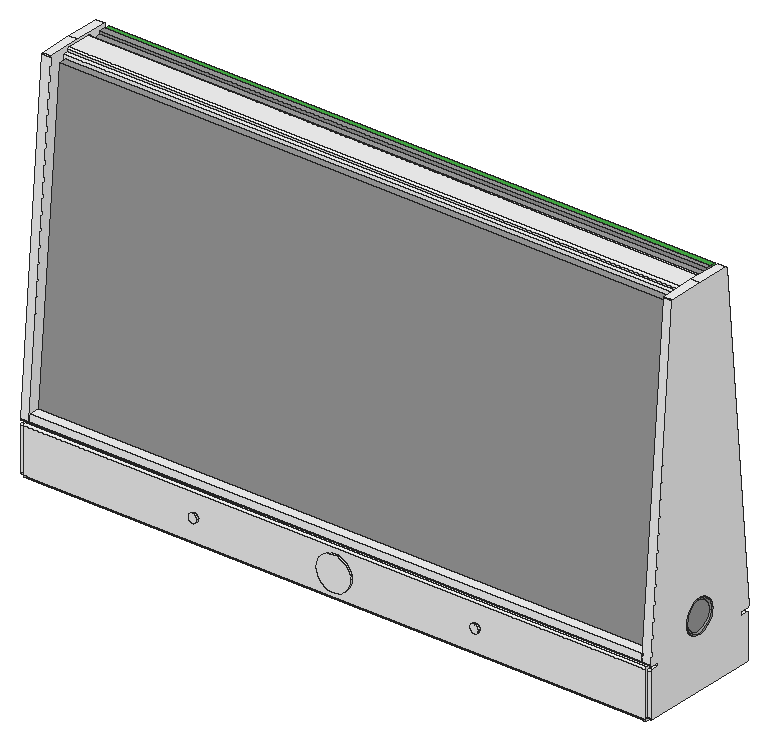
Revit family "Cleverfit Pro LED Exit_R19", category Lighting Fixtures, host Face, Revit 2019
Family settings
  Host = Face
  Round Connector Dimension = Use Diameter
  Part Type = Normal
  Cut with Voids When Loaded = No
  Light Source = Yes
  Shared = No
  Room Calculation Point = No
Parameters (values of type "LCFPRO-DATA")
  Width = 72 mm
  Wattage Comments = "Standby"
  Wattage = 9.2903 W
  built-in parameter 1150110 = 1 (stored number, unit not read)
  Viewing Distance = 24000 mm
  built-in parameter 1114217 = 1 (stored number, unit not read)
  Tilt Angle = -90.00°
  Testing System = "Zoneworks DATA Computerized Testing"
  built-in parameter 1150109 = 1 (stored number, unit not read)
  built-in parameter 1150134 = 3
  built-in parameter 1150113 = 1 (stored number, unit not read)
  Sign Width = 178 mm
  Sign Length = Length - 14 mm  # 353 mm
  Sign Height = 3 mm
  Power Consumption = 3.6 W
  Photometric Web File = "ll15872 LCFPRO-ZW.IES"
  Operating Voltage = 240 V
  Operating Temperature = "0°C to +40°C"
  Operating Mode = "Maintained"
  built-in parameter 1150142 = "IESNA91\r\n[TEST] \r\n[MANUFAC] Enlightenz Ltd.,\r\n[MORE] Albany, Auckland, NZ. 0751.\r\n[LUMINAIRE] Enlightenz, 2 x 28 W Recessed T5 Luminaire. Product ID: Aurora FRT 228 1200x600mm E (hf).\r\n[MORE] Matte white folded/welded reflector about extruded aluminium housing (extent: 1195 x 595 x 83 mm).\r\n[MORE] Clip-in wrap-around prismatic lens. L/O of 570 x 1170 mm (nom.). Multi-facet semi-specular “Almeco Vega\r\n[MORE] 98125” reflector above lamps. Two “Philips Master TL5 HE 28W/840” T5 lamps with L/C 15 mm below\r\n[MORE] gear tray centred 55 mm apart. One “Tridonic PC 2/14-35/49/54 T5 PRO-M lp” 220-240V 50/60/0 Hz\r\n[MORE] electronic ballast. Tested at 240 V 50 Hz, measured 259 mA.\r\n[OTHER] NA conventions used for C0 plane alignment and C-plane rotation direction.\r\n[MORE] The sample was tested at a distance of 8m.\r\n[MORE] This IES file created by LightLab/LSA Report program version 3.801a.\r\n[DATE] This file created: Tuesday, 9 October 2012 3:03:39 PM\r\nTILT=NONE\r\n 2 \r\n 500 \r\n 1 \r\n 37 \r\n 5 \r\n 1 \r\n 2 \r\n 0.57 \r\n 1.17 \r\n 0 \r\n 1 \r\n 1 \r\n 60.092 \r\n   0.000,   2.500,   5.000,   7.500,  10.000,  12.500,  15.000,  17.500\r\n  20.000,  22.500,  25.000,  27.500,  30.000,  32.500,  35.000,  37.500\r\n  40.000,  42.500,  45.000,  47.500,  50.000,  52.500,  55.000,  57.500\r\n  60.000,  62.500,  65.000,  67.500,  70.000,  72.500,  75.000,  77.500\r\n  80.000,  82.500,  85.000,  87.500,  90.000\r\n   0.000,  22.500,  45.000,  67.500,  90.000\r\n 341.4615, 341.2494, 340.2621, 338.5616, 336.1938, 333.2445, 329.4498\r\n 325.1429, 319.5903, 314.1999, 307.4367, 300.5308, 293.2082, 284.455, 274.5801\r\n 263.8264, 252.1498, 239.0471, 225.7166, 210.6177, 192.1162, 174.0084\r\n 152.1725, 134.7049, 118.2924, 103.374, 87.82187, 73.2549, 58.18829, 44.20323\r\n 33.80256, 26.5568, 21.00437, 15.25085, 9.952937, 4.504488, 0\r\n 341.4615, 341.4325, 340.9283, 340.0726, 338.6573, 336.5357, 333.8256\r\n 330.6919, 326.2308, 321.6914, 316.3366, 310.159, 303.4406, 295.2195, 286.6508\r\n 275.8864, 264.9573, 251.7767, 237.7297, 222.4658, 203.5372, 183.5127\r\n 160.7821, 138.5007, 119.9334, 104.5588, 90.92212, 78.3137, 67.11916, 55.77171\r\n 45.29549, 35.7993, 28.21967, 22.16036, 16.11417, 8.827147, 0\r\n 341.4615, 341.7425, 342.02, 342.392, 342.3859, 342.1362, 341.5772, 340.3091\r\n 338.212, 335.2784, 331.449, 326.9092, 320.9093, 313.1094, 303.6343, 293.2066\r\n 281.2209, 266.4966, 250.7048, 232.6298, 212.1581, 191.6554, 168.4842, 144.929\r\n 122.8393, 103.6612, 88.71062, 77.20822, 68.5182, 59.68402, 51.84156, 44.54643\r\n 38.17947, 30.48246, 21.74542, 11.92535, 0\r\n 341.4615, 341.9061, 343.1144, 344.3131, 345.7363, 347.1233, 347.8908\r\n 347.8587, 346.8893, 344.8732, 341.6011, 336.3393, 329.9645, 320.9179\r\n 310.8897, 298.5015, 284.8099, 269.01, 250.8172, 231.8651, 212.1282, 190.7469\r\n 167.4352, 148.4717, 131.0166, 116.6967, 103.8384, 91.12573, 79.70123\r\n 69.23565, 59.76439, 51.20085, 42.75244, 33.9792, 23.73228, 12.53013, 0\r\n 341.4615, 342.1449, 343.6144, 345.2054, 347.1876, 349.0632, 350.4188\r\n 350.7227, 349.9974, 347.909, 344.7461, 339.3313, 332.5534, 323.5998, 313.1198\r\n 300.9613, 286.2627, 268.3135, 250.1823, 230.513, 210.1074, 186.0525, 164.0899\r\n 144.4967, 126.8553, 111.9364, 96.5733, 82.94154, 71.29578, 61.47259, 54.19354\r\n 46.56514, 39.33159, 31.05388, 21.2952, 11.36191, 0\r\n"
  Mounting = "Surface Mount. Single Side Wall. Single or Double Side Ceiling."
  Model = "LCFPRO-DATA"
  Manufacturer = "Clevertronics"
  built-in parameter 1150105 = 109.82 (stored number, unit not read)
  Lumens = 1380 lm
  built-in parameter 1150115 = 1 (stored number, unit not read)
  built-in parameter 1150137 = (empty or 0)
  built-in parameter 1150139 = (empty or 0)
  Length = 367 mm
  built-in parameter 1150112 = 1 (stored number, unit not read)
  built-in parameter 1150114 = 1 (stored number, unit not read)
  Lamp = "2 x 1W LED 100,000 hours"
  built-in parameter 1150132 = (empty or 0)
  built-in parameter 1150102 = (empty or 0)
  built-in parameter 1150107 = 3200 (stored number, unit not read)
  built-in parameter 1150138 = (empty or 0)
  built-in parameter 1150106 = 1.0982 (stored number, unit not read)
  IP Rating = "IP20"
  Height = 214 mm
  Family Type = Sign : Sign
  Emit from Circle Diameter = 609.6 mm
  Emit Shape Visible in Rendering = no
  built-in parameter 1150104 = 13.8 (stored number, unit not read)
  Dimming Lamp Color Temperature Shift = <None>
  Diffuser = "All directional inserts included in the box"
  Description = "LED Cleverfit Pro Exit"
  Default Elevation = 1219.2 mm
  Construction = "Fire-retardant PC/ABS body with Polycarbonate Diffusers"
  Color Filter = 16777215
  Charging Method = "Intelligent current limited constant voltage charger"
  built-in parameter 1114218 = 1 (stored number, unit not read)
  Ballast = "Electronic"
  built-in parameter 1150133 = 10 (stored number, unit not read)
  Apparent Load = 3.6 VA
  AS2293 = "C0=D4 C90=E8 C180=D4 C270=E8"
Types (6, lengths in mm): name | Testing System | Model | Description | Charging Method
  (no name) | "Zoneworks DATA Computerized Testing" | "LCFPRO-DATA" | "LED Cleverfit Pro Exit" | "Intelligent current limited constant voltage charger"
  LCFPRO-CT | "Clever-Test" | "LCFPRO-CT" | "LED Cleverfit Pro Exit" | "Intelligent current limited constant voltage charger"
  LCFPRO | "N/A - Manual Test Switch" | "LCFPRO" | "LED Cleverfit Pro Exit" | "Intelligent current limited constant voltage charger"
  LCFPRO-DALI | "DALI Compatible" | "LCFPRO-DALI" | "LED Cleverfit Pro Exit with DALI" | "Intelligent current limited constant voltage charger"
  LCFPRO-DATA | "Zoneworks DATA Computerized Testing" | "LCFPRO-DATA" | "LED Cleverfit Pro Exit" | "Intelligent current limited constant voltage charger"
  LCFPRO-ZW | "Zoneworks Computerized Testing" | "LCFPRO-ZW" | "LED Cleverfit Pro Exit" | "Constant current to 3.4V, then constant voltage"
Reference planes
  plane 1 "Center (Front/Back)": y = 0
  plane 2: z = 0
  plane 3 "Center (Left/Right)": x = 0
  plane 4: y = 36
  plane 5: y = -36
  plane 6: x = -183.5
  plane 7: x = 183.5
  plane 8: z = 214
  plane 9: x = -82
  plane 10: x = 82
  plane 11: z = 213
  plane 12: z = 34
  plane 13: z = 40
  plane 14: z = 1
  plane 15: z = 28
  plane 16: z = 14
  plane 17: z = 29
  plane 18: z = 36.612
  plane 19: z = 35.306
  plane 20: y = 37
  plane 21: y = -37
  plane 22: x = -178.5
  plane 23 "Hosting Plane": x = -176.5
  plane 24: x = -174.5
  plane 25: x = -181
  plane 26: y = 26
  plane 27: y = -26
  plane 28: x = 133.5
  plane 29: x = 178.5
  plane 30: x = 176.5
  plane 31: x = 174.5
  plane 32: x = 181
  plane 33: y = 30
  plane 34: y = -30
  plane 35: y = 20
  plane 36: y = -20
  plane 37: y = 20
  plane 38: y = -20
  plane 39: z = 124.153
  plane 40 "Base": through (0, 32.119, 35.221) normal (0, 0.0848, -0.9964)
  plane 41: x = 182.5
Forms (mm)
  Extrusion 1, solid, material "Plastic - Polycarbonate - White", detail levels fine
    sketch origin (0, 0, 0) x (0, 1, 0) y (0, 0, 1)
      loop
        line (30, 28) -> (30, 27) -> (34.5, 27)
        arc (34.5, 27) -> (34.854, 26.854) -> (35, 26.5) r 0.5
        line (35, 26.5) -> (35, 1.5)
        arc (35, 1.5) -> (34.854, 1.146) -> (34.5, 1) r 0.5
        line (34.5, 1) -> (-34.5, 1)
        arc (-34.5, 1) -> (-34.854, 1.146) -> (-35, 1.5) r 0.5
        line (-35, 1.5) -> (-35, 26.5)
        arc (-35, 26.5) -> (-34.854, 26.854) -> (-34.5, 27) r 0.5
        line (-34.5, 27) -> (-30, 27) -> (-30, 28) -> (-35, 28)
        arc (-35, 28) -> (-35.707, 27.707) -> (-36, 27) r 1
        line (-36, 27) -> (-36, 1)
        arc (-36, 1) -> (-35.707, 0.293) -> (-35, 0) r 1
        line (-35, 0) -> (35, 0)
        arc (35, 0) -> (35.707, 0.293) -> (36, 1) r 1
        line (36, 1) -> (36, 27)
        arc (36, 27) -> (35.707, 27.707) -> (35, 28) r 1
        line (35, 28) -> (30, 28)
    from -181 to 181
  Extrusion 2, solid, material "Plastic - Polycarbonate - White", detail levels fine
    sketch origin (0, 0, 0) x (0, 1, 0) y (0, 0, 1)
      loop
        line (35, 1.5) -> (35, 26.5)
        arc (35, 26.5) -> (34.854, 26.854) -> (34.5, 27) r 0.5
        line (34.5, 27) -> (30, 27) -> (30, 29) -> (35, 29) -> (35.588, 29.809) -> (20, 213) -> (19.434, 213.566) -> (0, 214) -> (-19.434, 213.566) -> (-20, 213) -> (-35.588, 29.809) -> (-35, 29) -> (-30, 29) -> (-30, 27) -> (-34.5, 27)
        arc (-34.5, 27) -> (-34.854, 26.854) -> (-35, 26.5) r 0.5
        line (-35, 26.5) -> (-35, 1.5)
        arc (-35, 1.5) -> (-34.854, 1.146) -> (-34.5, 1) r 0.5
        line (-34.5, 1) -> (34.5, 1)
        arc (34.5, 1) -> (34.854, 1.146) -> (35, 1.5) r 0.5
    from -183.5 to -178.5
  Extrusion 3, solid, material "Plastic - Polycarbonate - White", detail levels fine
    sketch origin (0, 0, 0) x (0, 1, 0) y (0, 0, 1)
      loop
        line (35, 1.5) -> (35, 26.5)
        arc (35, 26.5) -> (34.854, 26.854) -> (34.5, 27) r 0.5
        line (34.5, 27) -> (30, 27) -> (30, 29) -> (35, 29) -> (35.588, 29.809) -> (20, 213) -> (19.434, 213.566) -> (0, 214) -> (-19.434, 213.566) -> (-20, 213) -> (-35.588, 29.809) -> (-35, 29) -> (-30, 29) -> (-30, 27) -> (-34.5, 27)
        arc (-34.5, 27) -> (-34.854, 26.854) -> (-35, 26.5) r 0.5
        line (-35, 26.5) -> (-35, 1.5)
        arc (-35, 1.5) -> (-34.854, 1.146) -> (-34.5, 1) r 0.5
        line (-34.5, 1) -> (34.5, 1)
        arc (34.5, 1) -> (34.854, 1.146) -> (35, 1.5) r 0.5
    from 178.5 to 183.5
  Extrusion 4, solid, material "Default", detail levels fine
    sketch origin (0, 0, 0) x (0, 1, 0) y (0, 0, 1)
      loop
        line (31.631, 35.306) -> (16.897, 213) -> (13.89, 213) -> (13.89, 210.956) -> (7.831, 210.426) -> (7.831, 35.306) -> (31.631, 35.306)
    from -176.5 to 176.5
  Extrusion 5, solid, material "Plastic - Polycarbonate - White", detail levels fine
    sketch origin (0, 0, 0) x (0, 1, 0) y (0, 0, 1)
      loop
        line (35, 29) -> (35.588, 29.809) -> (35.231, 34) -> (7.831, 34) -> (7.831, 212)
        arc (7.831, 212) -> (7.538, 212.707) -> (6.831, 213) r 1
        line (6.831, 213) -> (-6.831, 213)
        arc (-6.831, 213) -> (-7.538, 212.707) -> (-7.831, 212) r 1
        line (-7.831, 212) -> (-7.831, 34) -> (-35.231, 34) -> (-35.588, 29.809) -> (-35, 29) -> (35, 29)
    from -178.5 to 178.5
  Extrusion 6, solid, material "Plastic - Polycarbonate - White", detail levels fine
    sketch origin (0, 0, 0) x (0, 1, 0) y (0, 0, 1)
      loop
        line (-7.831, 211) -> (-10.831, 211) -> (-25.331, 35.306) -> (-7.831, 35.306) -> (-7.831, 211)
    from -178.5 to 178.5
  Extrusion 7, solid, material "Default", detail levels fine
    sketch origin (0, 0, 0) x (0, 1, 0) y (0, 0, 1)
      loop
        line (-10.988, 209.104) -> (-15.815, 209.104) -> (-30.604, 35.306) -> (-25.331, 35.306) -> (-10.988, 209.104)
    from -176.5 to 178.5
  Extrusion 8, void
    sketch origin (0, 0, 0) x (0, 1, 0) y (0, 0, 1)
      loop
        circle (0, 40) r 10
    from 181 to 183.5
  Extrusion 9, solid, material "Default", detail levels fine
    sketch origin (0, 0, 0) x (0, 1, 0) y (0, 0, 1)
      loop
        circle (0, 40) r 9.5
    from 181 to 183.5
  Blend 10, void
    base sketch origin (0, 0, 0) x (0, 1, 0) y (0, 0, 1)
      loop
        circle (0, 40) r 8
    top sketch origin (0, 0, 0) x (0, 1, 0) y (0, 0, 1)
      loop
        circle (0, 40) r 9
    from 182.5 to 183.5
  Extrusion 11, void
    sketch origin (0, 0, 0) x (1, 0, 0) y (0, 0, 1)
      loop
        line (136, 19) -> (131, 19) -> (131, 9) -> (136, 9) -> (136, 19)
    from -37 to -26
  Extrusion 12, solid, material "Plastic - Polycarbonate - White", detail levels fine
    sketch origin (0, 0, 0) x (1, 0, 0) y (0, 0, 1)
      loop
        circle (82, 14) r 5
      loop
        circle (-82, 14) r 5
    from -37 to -36
  Extrusion 13, solid, material "Plastic - Polycarbonate - White", detail levels fine
    sketch origin (0, 0, 0) x (1, 0, 0) y (0, 0, 1)
      loop
        circle (-82, 14) r 2.5
      loop
        circle (82, 14) r 2.5
      loop
        circle (0, 14) r 10
    from 36 to 37
Cuts and joins
  Extrusion 8, Blend 10, Extrusion 11 cuts Extrusion 1
  Extrusion 8, Blend 10, Extrusion 11 cuts Extrusion 2
  Extrusion 8, Blend 10, Extrusion 11 cuts Extrusion 3
  joined: Extrusion 1, Extrusion 2, Extrusion 3
  Extrusion 8, Blend 10 cuts Extrusion 4
  Extrusion 8, Blend 10 cuts Extrusion 6
  Blend 10 cuts Extrusion 5
  Blend 10 cuts Extrusion 9
Dimensions and locks
  equal spacing: plane 4, plane 1 "Center (Front/Back)", plane 5
  equal spacing: plane 6, plane 3 "Center (Left/Right)", plane 7
  "Length": plane 6 to plane 7
  "Width": plane 4 to plane 5
  "Height": plane 8 to level
  equal spacing: plane 9, plane 3 "Center (Left/Right)", plane 10
  locked: plane 9 to plane 3 "Center (Left/Right)" at 82
  locked: plane 8 to plane 11 at 1
  locked: plane 12 to level at 34
  locked: plane 13 to level at 40
  locked: plane 14 to level at 1
  locked: plane 15 to level at 28
  equal spacing: plane 15, plane 16, level
  locked: plane 17 to plane 15 at 1
  locked: plane 18 to plane 12 at 2.612
  equal spacing: plane 18, plane 19, plane 12
  locked: plane 6 to plane 22 at 5
  locked: plane 22 to plane 23 "Hosting Plane" at 2
  locked: plane 23 "Hosting Plane" to plane 24 at 2
  equal spacing: plane 6, plane 25, plane 22
  locked: plane 4 to plane 26 at 10
  locked: plane 27 to plane 5 at 10
  plane 28 to plane 7 = 50 mm
  locked: plane 29 to plane 30 at 2
  locked: plane 30 to plane 31 at 2
  locked: plane 29 to plane 7 at 5
  equal spacing: plane 29, plane 32, plane 7
  locked: plane 20 to plane 4 at 1
  locked: plane 5 to plane 21 at 1
  locked: plane 4 to plane 33 at 6
  locked: plane 34 to plane 5 at 6
  equal spacing: plane 11, plane 39, plane 19
  locked: plane 11 to Extrusion 6 sketch curve at 2
  locked: Extrusion 7 sketch curve to Extrusion 6 at 1.896
  locked: plane 41 to plane 7 at 1
  equal spacing: Extrusion 11 sketch curve, plane 28, Extrusion 11 sketch curve
  locked: Extrusion 11 sketch curve to Extrusion 11 sketch curve at 5
  equal spacing: Extrusion 11 sketch curve, plane 16, Extrusion 11 sketch curve
  locked: Extrusion 11 sketch curve to Extrusion 11 sketch curve at 10
  aligned and locked: plane 2 to host face
  aligned and locked: level to host face
  aligned and locked: plane 3 "Center (Left/Right)" to nested 1
  aligned and locked: plane 1 "Center (Front/Back)" to nested 1
  aligned and locked: plane 15 to Extrusion 1 sketch curve  (x2)
  aligned and locked: plane 4 to Extrusion 1 sketch curve
  aligned and locked: Extrusion 1 sketch curve to level
  aligned and locked: Extrusion 1 sketch curve to plane 5
  aligned and locked: plane 14 to Extrusion 1 sketch curve
  aligned and locked: Extrusion 1 sketch curve to plane 33
  aligned and locked: plane 34 to Extrusion 1 sketch curve
  aligned and locked: Extrusion 1 to plane 25
  aligned and locked: Extrusion 1 to plane 32
  aligned and locked: Extrusion 2 sketch curve to Extrusion 1  (x2)
  aligned and locked: plane 17 to Extrusion 2 sketch curve
  aligned and locked: plane 35 to Extrusion 2 sketch curve
  aligned and locked: Extrusion 2 sketch curve to plane 17
  aligned and locked: Extrusion 2 sketch curve to plane 36
  aligned and locked: Extrusion 2 to plane 6
  aligned and locked: plane 22 to Extrusion 2
  aligned and locked: plane 37 to Extrusion 3 sketch curve
  aligned and locked: Extrusion 3 sketch curve to plane 38
  aligned and locked: plane 29 to Extrusion 3
  aligned and locked: plane 7 to Extrusion 3
  aligned and locked: plane 19 to Extrusion 4 sketch curve
  aligned and locked: Extrusion 4 sketch curve to plane 11
  aligned and locked: Extrusion 4 to plane 23 "Hosting Plane"
  aligned and locked: Extrusion 4 to plane 30
  aligned and locked: plane 12 to Extrusion 5 sketch curve
  aligned and locked: Extrusion 5 sketch curve to plane 12
  aligned and locked: Extrusion 5 sketch curve to cut or joined group of Extrusion 1, Extrusion 2, Extrusion 3, Extrusion 8, Blend 10, Extrusion 11
  aligned and locked: plane 11 to Extrusion 5 sketch curve
  aligned: Extrusion 5 to plane 23 "Hosting Plane"
  aligned: Extrusion 5 to plane 30
  aligned and locked: Extrusion 6 sketch curve to plane 19
  aligned and locked: Extrusion 6 to plane 22
  aligned and locked: Extrusion 6 to plane 29
  aligned and locked: Extrusion 7 sketch curve to plane 19
  aligned and locked: Extrusion 7 to plane 29
  aligned and locked: Extrusion 7 to plane 23 "Hosting Plane"
  aligned and locked: plane 32 to Extrusion 8
  aligned and locked: plane 7 to Extrusion 8
  aligned: Extrusion 9 to plane 41
  aligned and locked: plane 32 to Extrusion 9
  aligned and locked: plane 7 to Extrusion 9
  aligned and locked: Blend 10 to plane 41
  aligned and locked: plane 7 to Blend 10
  aligned: plane 27 to Extrusion 11
  aligned: plane 21 to Extrusion 11
  aligned and locked: Extrusion 11 to plane 26
  aligned and locked: plane 20 to Extrusion 11
  aligned and locked: plane 20 to Extrusion 12
  aligned and locked: Extrusion 12 to plane 4
  aligned and locked: plane 5 to Extrusion 13
  aligned and locked: plane 21 to Extrusion 13
  aligned and locked: Extrusion 7 sketch curve to cut or joined group of Extrusion 6, Extrusion 8, Blend 10
  aligned: plane 3 "Center (Left/Right)" to imposter light
  aligned: level to imposter light
  aligned and locked: plane 3 "Center (Left/Right)" to imposter light
  aligned and locked: cut or joined group of Extrusion 5, Blend 10 to plane 22
  aligned and locked: cut or joined group of Extrusion 5, Blend 10 to plane 29
Automatic sketch dimensions
  host sketch curve to host sketch curve = 2438.4 mm  (x2)
  Extrusion 1 sketch curve to plane 14 = 0 mm  (x2)
  plane 5 to Extrusion 1 sketch curve = 1 mm
  Extrusion 1 sketch curve to Extrusion 1 sketch curve = 0 mm
  Extrusion 1 sketch curve to Extrusion 1 sketch curve = 0.5 mm  (x6)
  Extrusion 1 sketch curve to plane 4 = 1.5 mm
  Extrusion 1 sketch curve to plane 4 = 1 mm
  Extrusion 8 sketch curve to plane 1 "Center (Front/Back)" = 0 mm
  Extrusion 8 sketch curve to plane 13 = 0 mm
  Extrusion 9 sketch curve to plane 1 "Center (Front/Back)" = 0 mm
  Extrusion 9 sketch curve to plane 13 = 0 mm
  Blend 10 sketch curve to plane 1 "Center (Front/Back)" = 0 mm  (x2)
  Blend 10 sketch curve to plane 13 = 0 mm  (x2)
  Extrusion 12 sketch curve to plane 9 = 0 mm
  plane 10 to Extrusion 12 sketch curve = 0 mm
  Extrusion 12 sketch curve to plane 16 = 0 mm  (x2)
  Extrusion 13 sketch curve to plane 9 = 0 mm
  Extrusion 13 sketch curve to plane 3 "Center (Left/Right)" = 0 mm
  plane 10 to Extrusion 13 sketch curve = 0 mm
  Extrusion 13 sketch curve to plane 16 = 0 mm  (x3)
  Extrusion 2 sketch curve to plane 14 = 0 mm
  Extrusion 2 sketch curve to plane 1 "Center (Front/Back)" = 0 mm
  Extrusion 2 sketch curve to plane 11 = 0 mm  (x2)
  Extrusion 2 sketch curve to plane 8 = 0 mm
  plane 14 to Extrusion 2 sketch curve = 0.5 mm  (x2)
  plane 5 to Extrusion 2 sketch curve = 1.5 mm
  Extrusion 2 sketch curve to Extrusion 2 sketch curve = 0.5 mm
  plane 5 to Extrusion 2 sketch curve = 1 mm
  plane 5 to Extrusion 2 sketch curve = 0.412 mm
  Extrusion 2 sketch curve to plane 36 = 0.566 mm
  Extrusion 2 sketch curve to plane 35 = 0.566 mm
  Extrusion 2 sketch curve to plane 4 = 1.5 mm  (x2)
  Extrusion 2 sketch curve to plane 4 = 1 mm
  Extrusion 2 sketch curve to plane 4 = 0.412 mm
  Extrusion 2 sketch curve to plane 15 = 1.5 mm  (x2)
  plane 17 to Extrusion 2 sketch curve = 0.809 mm  (x2)
  Extrusion 2 sketch curve to plane 8 = 0.434 mm  (x2)
  Extrusion 3 sketch curve to plane 17 = 0 mm  (x2)
  Extrusion 3 sketch curve to plane 14 = 0 mm
  Extrusion 3 sketch curve to plane 1 "Center (Front/Back)" = 0 mm
  Extrusion 3 sketch curve to plane 11 = 0 mm  (x2)
  Extrusion 3 sketch curve to plane 8 = 0 mm
  Extrusion 3 sketch curve to plane 27 = 4 mm
  plane 14 to Extrusion 3 sketch curve = 0.5 mm  (x2)
  plane 5 to Extrusion 3 sketch curve = 1.5 mm
  Extrusion 3 sketch curve to Extrusion 3 sketch curve = 0.5 mm
  plane 5 to Extrusion 3 sketch curve = 1 mm
  plane 5 to Extrusion 3 sketch curve = 0.412 mm
  Extrusion 3 sketch curve to plane 38 = 0.566 mm
  Extrusion 3 sketch curve to plane 37 = 0.566 mm
  plane 26 to Extrusion 3 sketch curve = 4 mm
  Extrusion 3 sketch curve to plane 4 = 1.5 mm  (x2)
  Extrusion 3 sketch curve to plane 4 = 1 mm
  Extrusion 3 sketch curve to plane 4 = 0.412 mm
  Extrusion 3 sketch curve to plane 15 = 1.5 mm  (x2)
  plane 17 to Extrusion 3 sketch curve = 0.809 mm  (x2)
  Extrusion 3 sketch curve to plane 8 = 0.434 mm  (x2)
  Extrusion 4 sketch curve to plane 11 = 2.574 mm
  Extrusion 4 sketch curve to plane 1 "Center (Front/Back)" = 7.831 mm
  Extrusion 4 sketch curve to plane 11 = 2.044 mm
  Extrusion 4 sketch curve to Extrusion 4 sketch curve = 6.059 mm
  Extrusion 4 sketch curve to Extrusion 4 sketch curve = 3.007 mm
  Extrusion 4 sketch curve to plane 4 = 4.369 mm
  plane 5 to Extrusion 5 sketch curve = 0.412 mm
  plane 5 to Extrusion 5 sketch curve = 0.769 mm
  Extrusion 5 sketch curve to Extrusion 5 sketch curve = 0.588 mm
  plane 1 "Center (Front/Back)" to Extrusion 5 sketch curve = 7.831 mm
  Extrusion 5 sketch curve to plane 11 = 1 mm  (x2)
  Extrusion 5 sketch curve to plane 1 "Center (Front/Back)" = 6.831 mm
  Extrusion 5 sketch curve to plane 4 = 1 mm
  Extrusion 5 sketch curve to plane 4 = 0.769 mm
  Extrusion 5 sketch curve to plane 4 = 0.412 mm
  plane 17 to Extrusion 5 sketch curve = 0.809 mm  (x2)
  plane 27 to Extrusion 6 sketch curve = 0.669 mm
  plane 1 "Center (Front/Back)" to Extrusion 6 sketch curve = 10.831 mm
  plane 1 "Center (Front/Back)" to Extrusion 6 sketch curve = 7.831 mm
  Extrusion 7 sketch curve to plane 27 = 4.604 mm
  Extrusion 7 sketch curve to Extrusion 7 sketch curve = 4.827 mm
  radius of Extrusion 8 sketch curve = 10 mm
  radius of Extrusion 9 sketch curve = 9.5 mm
  radius of Blend 10 sketch curve = 8 mm
  radius of Blend 10 sketch curve = 9 mm
  radius of Extrusion 12 sketch curve = 5 mm  (x2)
  radius of Extrusion 13 sketch curve = 2.5 mm  (x2)
  radius of Extrusion 13 sketch curve = 10 mm
Nested families
  nested 1: "Exit_Annotation" at (0, 0, 0), type "Single Sided Exit Luminaire", detail levels coarse+medium
  nested 2: "Sign" at (0, 27.56, 124.155) x (1, 0, 0) z (0, -0.9964, -0.0848), type "Sign", detail levels fine
Connectors
  electrical at (0, 0, 0), driven by "Operating Voltage", driven by "Apparent Load"
    settings: index 1, voltage 240 V, apparent load 0 VA, apparent load phase1 3.6 VA, apparent load phase2 0 VA, apparent load phase3 0 VA, power factor 1, load classification "Lighting", number of poles 1, system type 31, power factor state 1, is connector primary yes, connector utility no, sub classification motor no, connector description ""
Definition of nested family "Sign"
  Parameters
    Sign Length = 353 mm
    Sign Width = 178 mm
    Sign Height = 3 mm
    Default Elevation = 1219.2 mm
    Assembly Code = ""
  Reference planes
    plane 1 "Center (Front/Back)": y = 0
    plane 2: z = 0
    plane 3 "Center (Left/Right)": x = 0
    plane 4: y = 89
    plane 5: y = -89
    plane 6: x = -176.5
    plane 7: x = 176.5
    plane 8: z = 3
  Forms (mm)
    Extrusion 1, solid
      sketch origin (0, 0, 0) x (1, 0, 0) y (0, 1, 0)
        loop
          line (-1219.2, 1219.2) -> (-1219.2, -1219.2) -> (1219.2, -1219.2) -> (1219.2, 1219.2) -> (-1219.2, 1219.2)
      from 0 to -304.8
    Extrusion 2, solid
      sketch origin (0, 0, 0) x (1, 0, 0) y (0, 1, 0)
        loop
          line (-176.5, 89) -> (-176.5, -89) -> (176.5, -89) -> (176.5, 89) -> (-176.5, 89)
      from 0 to 3
  Dimensions and locks
    equal spacing: plane 6, plane 3 "Center (Left/Right)", plane 7
    equal spacing: plane 4, plane 1 "Center (Front/Back)", plane 5
    "Sign Width": plane 4 to plane 5
    "Sign Length": plane 6 to plane 7
    "Sign Height": plane 8 to level
    aligned and locked: plane 2 to Extrusion 1
    aligned and locked: level to Extrusion 1
    aligned and locked: plane 6 to Extrusion 2 sketch curve
    aligned and locked: Extrusion 2 sketch curve to plane 4
    aligned and locked: plane 5 to Extrusion 2 sketch curve
    aligned and locked: Extrusion 2 sketch curve to plane 7
    aligned and locked: plane 8 to Extrusion 2
  Automatic sketch dimensions
    Extrusion 1 sketch curve to Extrusion 1 sketch curve = 2438.4 mm  (x2)
Definition of nested family "Exit_Annotation"
  Parameters
    Single Sided Direction = no
    Single Sided = yes
    Double Sided Direction = no
    Double Sided = no
  Reference planes
    plane 1: y = 0
    plane 2: x = 0
  Lines and regions (mm)
    Filled region 1, type "Filled region 1", visible <- "Double Sided Direction"
      outline origin (0, 0, 0) x (1, 0, 0) y (0, 1, 0)
        loop
          line (-0.7, 2.8) -> (-2.5, 2) -> (-0.7, 2) -> (-0.7, 2.8)
    Filled region 2, type "Filled region 1", visible <- "Double Sided Direction"
      outline origin (0, 0, 0) x (0, -1, 0) y (1, 0, 0)
        loop
          line (2.8, -0.7) -> (2, -0.7) -> (2, -2.5) -> (2.8, -0.7)
    Filled region 3, type "Filled region 1", visible <- "Single Sided Direction"
      outline origin (0, 0, 0) x (0, -1, 0) y (1, 0, 0)
        loop
          line (2.8, -0.7) -> (2, -0.7) -> (2, -2.5) -> (2.8, -0.7)
    detail lines
      curve 1: line (2.5, 1.5, 0) -> (-2.5, 1.5, 0)
      curve 2: line (-2.5, 1.5, 0) -> (-2.5, -1.5, 0)
      curve 3: line (-2.5, -1.5, 0) -> (2.5, -1.5, 0)
      curve 4: line (2.5, 1.5, 0) -> (2.5, -1.5, 0)
      curve 6: line (2.5, -2, 0) -> (-2.5, -2, 0)
    detail lines, visible <- "Double Sided"
      curve 5: line (2.5, 2, 0) -> (-2.5, 2, 0)
    detail lines, visible <- "Double Sided Direction"
      curve 7: line (2.5, 2, 0) -> (-2.5, 2, 0)
  Text (mm)
    text "EXIT" at (-2.237, 2.02, 0)
